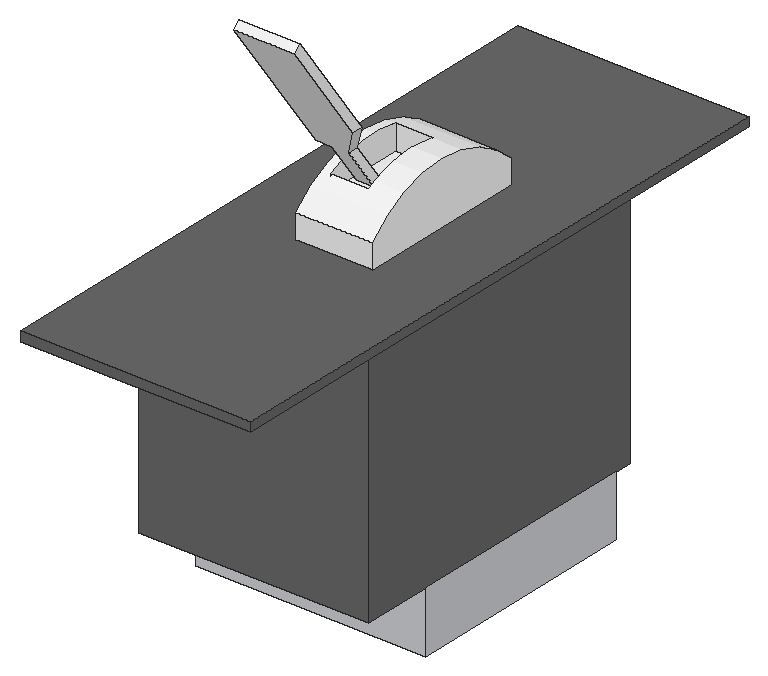
Revit family "Switch_Toggle_Leviton_Toggle-Locking-LevLok", category Electrical Fixtures, Revit 2023
Family settings
  Round Connector Dimension = Use Diameter
  Part Type = Normal
  Work Plane-Based = Yes
  Always vertical = No
  Cut with Voids When Loaded = No
  Maintain Annotation Orientation = No
  Shared = No
  Room Calculation Point = No
Parameters
  offset [instance] = 0' - 0"
  Warranty Duration (Years) = 0
  Voltage_MEP = 0 V
  Unit Width = 0' - 1 1/2"
  Unit Height = 0' - 4 15/256"
  Unit Depth = 0' - 1 69/128"
  URL = "http://www.leviton.com/OA_HTML/Home.jsp?minisite=10251&respid=22372"
  Termination = "as Specified"
  Switch Height = 0' - 1"
  Standards Conformance = "UL 20  ;  CSA  ;  NOM 057  ;  NEMA WD-1 and WD-6  ;  RoHS"
  Specification = ""
  SpecWizard = ""
  Send Message = "http://www.arcat.com/users.pl?action=UserEmail&company=Leviton+Mfg.+Co.,+Inc.&coid=41690&rep=117&fax=631-812-6252&mf="
  Screw Mounts Location = 0' - 3 9/32"
  Sales Information = "http://www.leviton.com/OA_HTML/SectionDisplay.jsp?section=37579&minisite=10251"
  Revision = "R1_10-2012"
  Projection From Host = 0' - 1 69/128"
  Product Properties = ""
  Product Data = "http://arcat.com/arcatcos/cos41/arc41690.html?isac=1&r=1"
  Number of Poles = 1
  Model = "As Specified"
  Maximum Amperage = 0
  Manufacturer Website = "http://www.leviton.com/OA_HTML/Home.jsp?minisite=10251&respid=22372"
  Manufacturer Phone - Toll Free = "800-323-8920"
  Manufacturer Phone = ""
  Manufacturer Fax = "631-812-6252"
  Manufacturer Address = "201 N. Service Rd. Melville, NY 11747"
  Manufacturer = "Leviton Mfg. Co., Inc."
  Maintenance Schedule (Months) = 0
  MEP Apparent Power = 0 VA
  MEP Amperage = 0 A
  LevLok Wiring Module [instance] = LevLokWiringModule : MSPSW-SD
  Grounding = "as Specified"
  Backing Color = Thermoplastic - Leviton - Black
  Keynote = "16140"
  Installation-Fabrication = ""
  Installation Phase = "Electrical Wiring"
  HP Rating = "as Specified"
  Green Building-LEED = ""
  Fixture Material = Thermoplastic - Leviton - White
  Fixture Grade = "Commercial / Industrial as Specified"
  Fixture Application = "Single Pole Locking with LevLok"
  Expected Lifespan (Years) = 0
  Drawn By = "Sumex Design, Inc. / Robert S. Weygant, CSI, CDT, SCIP"
  Description = "Leviton Commercial/Industrial Grade LevLok Locking Toggle Switch - Model as Specified"
  Default Elevation = 4' - 0"
  Copyright = "©Arcat Inc."
  Construction Details = ""
  Fixture Height = 0' - 2 31/256"
  Assembly Code = "D5020100"
  Acceptable Loads = "as Specified"
Reference planes (in)
  plane 1 "Center (Front/Back)": y = 0
  plane 2 "Bottom": z = 0
  plane 3 "Center (Left/Right)": x = 0
  plane 4 "Front": y = -2.0293
  plane 5 "Back": y = 2.0293
  plane 6 "Left": x = -0.75
  plane 7 "Right": x = 0.75
  plane 8 "Top": z = 1.53906
  plane 9: z = -1.53906
  plane 10: z = 1.36367
  plane 11: y = 1.06055
  plane 12: y = -1.06055
  plane 13: y = 1.64062
  plane 14: y = -1.64063
Forms (in)
  Extrusion 1, solid, material "Thermoplastic - Leviton - Black" <- "Backing Color"
    sketch origin (0, 0, 0) x (1, 0, 0) y (0, 1, 0)
      loop
        line (-0.75, 2.0293) -> (-0.75, -2.0293) -> (0.75, -2.0293) -> (0.75, 2.0293) -> (-0.75, 2.0293)
    from 0 to 0.0625
  Extrusion 2, solid, material "Thermoplastic - Leviton - Black" <- "Backing Color"
    sketch origin (0, 0, 0) x (1, 0, 0) y (0, 1, 0)
      loop
        line (-0.75, 1.06055) -> (-0.75, -1.06055) -> (0.75, -1.06055) -> (0.75, 1.06055) -> (-0.75, 1.06055)
    from 0 to -1.53906
  Extrusion 3, solid, material "Thermoplastic - Leviton - White" <- "Fixture Material"
    sketch origin (0, 0, 0) x (0, 1, 0) y (0, 0, 1)
      loop
        line (-0.40625, 0.0625) -> (0.71875, 0.0625) -> (0.71875, 0.21911)
        arc (0.71875, 0.21911) -> (0.15625, 0.4625) -> (-0.40625, 0.21911) r 0.77169
        line (-0.40625, 0.21911) -> (-0.40625, 0.0625)
    from -0.25 to 0.25
  Extrusion 4, void
    sketch origin (0, 0, 0) x (1, 0, 0) y (0, 1, 0)
      loop
        line (-0.18771, 0.32775) -> (-0.18771, -0.20059) -> (0.05674, -0.20059) -> (0.05674, 0.32775) -> (-0.18771, 0.32775)
    from 0.27988 to 0.6789
  Extrusion 5, solid, material "Thermoplastic - Leviton - White" <- "Fixture Material"
    sketch origin (-0.0625, 0, 0) x (0, 1, 0) y (0, 0, 1)
      loop
        line (-0.03269, 0.27988) -> (0.03656, 0.27988) -> (-0.86269, 1.53906) -> (-0.90034, 1.50141) -> (-0.03269, 0.27988)
    from -0.19922 to 0.19922
  Extrusion 6, void
    sketch origin (-0.02344, 0, 0) x (1, 0, 0) y (0, 0, 1)
      loop
        line (-0.23828, 0.5625) -> (-0.23828, 0.27988) -> (-0.13068, 0.27988) -> (-0.13068, 0.5625) -> (-0.23828, 0.5625)
      loop
        line (0.16016, 0.83097) -> (-0.02093, 0.5625) -> (-0.02093, 0.27988) -> (0.16016, 0.27988) -> (0.16016, 0.83097)
    from -0.06048 to 0.73949
Cuts and joins
  Extrusion 4 cuts Extrusion 1
  Extrusion 4 cuts Extrusion 2
  Extrusion 4 cuts Extrusion 3
  Extrusion 6 cuts Extrusion 5
Dimensions and locks (in)
  equal spacing: plane 6 "Left", plane 3 "Center (Left/Right)", plane 7 "Right"
  "Unit Width": plane 6 "Left" to plane 7 "Right"
  equal spacing: plane 5 "Back", plane 1 "Center (Front/Back)", plane 4 "Front"
  "Unit Height": plane 5 "Back" to plane 4 "Front"
  "Projection From Host": plane 8 "Top" to level
  "Unit Depth": level to plane 9
  locked: plane 10 to plane 8 "Top" at 0.17539
  equal spacing: plane 11, plane 1 "Center (Front/Back)", plane 12
  "Fixture Height": plane 11 to plane 12
  equal spacing: plane 13, plane 1 "Center (Front/Back)", plane 14
  "Screw Mounts Location": plane 13 to plane 14
  aligned and locked: plane 6 "Left" to Extrusion 1 sketch curve
  aligned and locked: Extrusion 1 sketch curve to plane 5 "Back"
  aligned and locked: plane 4 "Front" to Extrusion 1 sketch curve
  aligned and locked: Extrusion 1 sketch curve to plane 7 "Right"
  aligned and locked: plane 6 "Left" to Extrusion 2 sketch curve
  aligned and locked: Extrusion 2 sketch curve to plane 11
  aligned and locked: plane 12 to Extrusion 2 sketch curve
  aligned and locked: Extrusion 2 sketch curve to plane 7 "Right"
  aligned and locked: Extrusion 2 to plane 9
  aligned and locked: level to Extrusion 2
Automatic sketch dimensions
  level to Extrusion 3 sketch curve = 0' - 0 1/16"
  plane 1 "Center (Front/Back)" to Extrusion 3 sketch curve = 0' - 0 13/32"
  Extrusion 3 sketch curve to plane 1 "Center (Front/Back)" = 0' - 0 5/32"
  Extrusion 3 sketch curve to plane 11 = 0' - 0.3418"
  Extrusion 3 sketch curve to level = 0' - 0.30919"
  Extrusion 3 sketch curve to Extrusion 3 sketch curve = 0' - 0.15661"
  Extrusion 4 sketch curve to plane 3 "Center (Left/Right)" = 0' - 0.18771"
  plane 3 "Center (Left/Right)" to Extrusion 4 sketch curve = 0' - 0.05674"
  plane 1 "Center (Front/Back)" to Extrusion 4 sketch curve = 0' - 0.20059"
  Extrusion 4 sketch curve to plane 1 "Center (Front/Back)" = 0' - 0.32775"
  Extrusion 5 sketch curve to plane 8 "Top" = 0' - 0"
  Extrusion 5 sketch curve to plane 8 "Top" = 0' - 0.03765"
  plane 12 to Extrusion 5 sketch curve = 0' - 0.1602"
  Extrusion 5 sketch curve to Extrusion 5 sketch curve = 0' - 0.03765"
  plane 1 "Center (Front/Back)" to Extrusion 5 sketch curve = 0' - 0.03269"
  Extrusion 5 sketch curve to plane 1 "Center (Front/Back)" = 0' - 0.03656"
  level to Extrusion 5 sketch curve = 0' - 0.27988"
  Extrusion 6 sketch curve to plane 3 "Center (Left/Right)" = 0' - 0 67/256"
  Extrusion 6 sketch curve to Extrusion 6 sketch curve = 0' - 0.1076"
  Extrusion 6 sketch curve to plane 3 "Center (Left/Right)" = 0' - 0.04436"
  plane 3 "Center (Left/Right)" to Extrusion 6 sketch curve = 0' - 0 35/256"
  level to Extrusion 6 sketch curve = 0' - 0.27988"
  Extrusion 6 sketch curve to Extrusion 6 sketch curve = 0' - 0"  (x2)
  Extrusion 6 sketch curve to Extrusion 6 sketch curve = 0' - 0.28262"
  Extrusion 6 sketch curve to Extrusion 6 sketch curve = 0' - 0.26847"
Nested families (in)
  nested 1: "LevLokWiringModule" at (0, 0.17487, -1.53906) x (1, 0, 0) z (0, 0, -1), type <- "LevLok Wiring Module", type "MSPSW-SD"
    with offset 0' - 0"
Connectors (in)
  electrical at (0, 0, 0)
    settings: index 1, voltage 0 V, apparent load 0 VA, apparent load phase1 0 VA, apparent load phase2 0 VA, apparent load phase3 0 VA, power factor 1, load classification "Other", number of poles 1, system type 31, power factor state 1, is connector primary yes, connector utility no, sub classification motor no, connector description ""
Definition of nested family "LevLokWiringModule"
  Parameters
    offset [instance] = 0' - 0"
    Warranty Duration (Years) = 0
    Voltage_MEP = 0 V
    Unit Width = 0' - 1 1/2"
    Unit Height = 0' - 1 141/256"
    Unit Depth = 0' - 0 51/128"
    URL = "http://www.leviton.com/OA_HTML/Home.jsp?minisite=10251&respid=22372"
    Termination = "as Specified"
    Specification = ""
    SpecWizard = ""
    Send Message = "http://www.arcat.com/users.pl?action=UserEmail&company=Leviton+Mfg.+Co.,+Inc.&coid=41690&rep=117&fax=631-812-6252&mf="
    Sales Information = "http://www.leviton.com/OA_HTML/SectionDisplay.jsp?section=37579&minisite=10251"
    Revision = "R1_10-2012"
    Product Properties = ""
    Product Data = "http://arcat.com/arcatcos/cos41/arc41690.html?isac=1&r=1"
    Number of Poles = 1
    Model = "As Specified"
    Manufacturer Website = "http://www.leviton.com/OA_HTML/Home.jsp?minisite=10251&respid=22372"
    Manufacturer Phone - Toll Free = "800-323-8920"
    Manufacturer Phone = ""
    Manufacturer Fax = "631-812-6252"
    Manufacturer Address = "201 N. Service Rd. Melville, NY 11747"
    Manufacturer = "Leviton Mfg. Co., Inc."
    Maintenance Schedule (Months) = 0
    MEP Apparent Power = 0 VA
    MEP Amperage = 0 A
    Keynote = "16140"
    Installation-Fabrication = ""
    Installation Phase = "Electrical Wiring"
    Grounding = "as Specified"
    Green Building-LEED = ""
    Expected Lifespan (Years) = 0
    Drawn By = "Sumex Design, Inc. / Robert S. Weygant, CSI, CDT, SCIP"
    Description = "Leviton Product as Specified"
    Default Elevation = 4' - 0"
    Copyright = "©Arcat Inc."
    Construction Details = ""
    Assembly Code = "D5020100"
  Reference planes (in)
    plane 1 "Center (Front/Back)": y = 0
    plane 2 "Bottom": z = 0
    plane 3 "Center (Left/Right)": x = 0
    plane 4 "Front": y = -0.77539
    plane 5 "Back": y = 0.77539
    plane 6 "Left": x = -0.75
    plane 7 "Right": x = 0.75
    plane 8 "Top": z = 0.39844
  Forms (in)
    Extrusion 1, solid
      sketch origin (0, 0, 0) x (1, 0, 0) y (0, 1, 0)
        loop
          line (-0.75, 0.77539) -> (-0.75, -0.77539) -> (0.75, -0.77539) -> (0.75, 0.77539) -> (-0.75, 0.77539)
      from 0 to 0.39844
  Dimensions and locks (in)
    equal spacing: plane 6 "Left", plane 3 "Center (Left/Right)", plane 7 "Right"
    "Unit Width": plane 6 "Left" to plane 7 "Right"
    equal spacing: plane 5 "Back", plane 1 "Center (Front/Back)", plane 4 "Front"
    "Unit Height": plane 5 "Back" to plane 4 "Front"
    "Unit Depth": plane 8 "Top" to level
    aligned and locked: plane 6 "Left" to Extrusion 1 sketch curve
    aligned and locked: Extrusion 1 sketch curve to plane 5 "Back"
    aligned and locked: plane 4 "Front" to Extrusion 1 sketch curve
    aligned and locked: Extrusion 1 sketch curve to plane 7 "Right"
    aligned and locked: plane 8 "Top" to Extrusion 1
